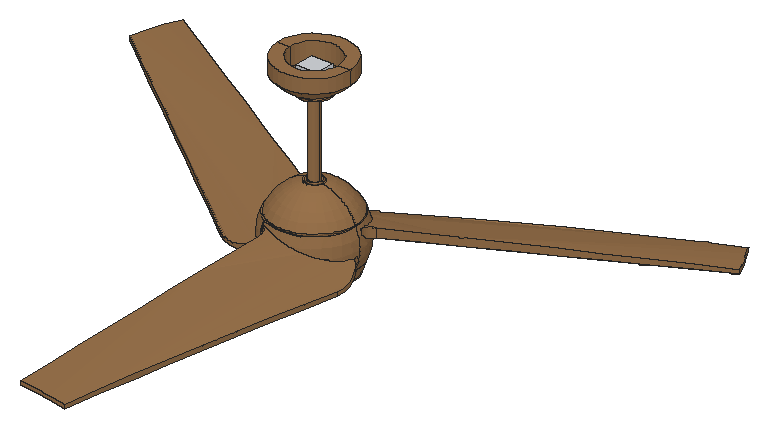
Revit family "3-104-xx - Sol (Ceiling Fan)", category Lighting Fixtures, host Ceiling, Revit 2018
Family settings
  Host = Ceiling
  Round Connector Dimension = Use Diameter
  Part Type = Normal
  OmniClass Number = 23.80.70.11
  OmniClass Title = Luminaries for Internal Lighting
  Always vertical = Yes
  Cut with Voids When Loaded = No
  Light Source = Yes
  Shared = No
  Room Calculation Point = No
Parameters (values of type "3-104-22 - Sol")
  Wattage Comments = ""
  URL = "www.oxygenlighting.com"
  Type Comments = "LED Lighting Fixture"
  Note [instance] = "4in - 6in - 12in - 18in or 24in Downrod"  # constant formula
  Model = "3-104-xx - Sol"  # constant formula
  Metal Finish = Oxygen Lighting - Metal Finish - 22 - Oiled Bronze
  Manufacturer = "Oxygen Lighting"
  Light Source Symbol Size = 24.00"
  Keynote = "LED array lamp"
  Input Voltage = "120V 50/60Hz"
  Wattage = 9.19258 W
  built-in parameter 1150110 = 1 (stored number, unit not read)
  built-in parameter 1114217 = 1 (stored number, unit not read)
  built-in parameter 1150109 = 1 (stored number, unit not read)
  built-in parameter 1150134 = (empty or 0)
  built-in parameter 1150113 = 1 (stored number, unit not read)
  Lumens = 1200 lm
  built-in parameter 1150115 = 1 (stored number, unit not read)
  built-in parameter 1150105 = 381.97 (stored number, unit not read)
  built-in parameter 1150137 = (empty or 0)
  built-in parameter 1150139 = (empty or 0)
  built-in parameter 1150112 = 1 (stored number, unit not read)
  built-in parameter 1150114 = 1 (stored number, unit not read)
  Lamp = "LED Array"
  built-in parameter 1150132 = 2
  built-in parameter 1150102 = (empty or 0)
  built-in parameter 1150138 = (empty or 0)
  built-in parameter 1150107 = 3000 (stored number, unit not read)
  built-in parameter 1150106 = 3.8197 (stored number, unit not read)
  Emit from Circle Diameter = 6.00"
  Emit Shape Visible in Rendering = no
  built-in parameter 1150104 = 12.128 (stored number, unit not read)
  Downrod Lenght [instance] = 6.00"
  Dimming Lamp Color Temperature Shift = <None>
  Diffuser = Oxygen Lighting - Diffuser - Matte White Acrylic
  Description = "--"
  Cost = 0
  Color Filter = 16777215
  built-in parameter 1114218 = 1 (stored number, unit not read)
  built-in parameter 1150133 = 10 (stored number, unit not read)
  Assembly Code = "--"
Types (8): name | Metal Finish | Wattage | Lumens | built-in parameter 1150105 | built-in parameter 1150106 | Downrod Lenght | Diffuser
  3-104-06 - Sol | Oxygen Lighting - Metal Finish - 06 - White | 9.19258 W | 1200 lm | 381.97 (stored number, unit not read) | 3.8197 (stored number, unit not read) | 4.00" | Oxygen Lighting - Diffuser - Matte White Acrylic
  3-104-20 - Sol | Oxygen Lighting - Metal Finish - 20 - Polished Nickel | 9.19258 W | 1200 lm | 381.97 (stored number, unit not read) | 3.8197 (stored number, unit not read) | 6.00" | Oxygen Lighting - Diffuser - Matte White Acrylic
  3-104-22 - Sol | Oxygen Lighting - Metal Finish - 22 - Oiled Bronze | 9.19258 W | 1200 lm | 381.97 (stored number, unit not read) | 3.8197 (stored number, unit not read) | 6.00" | Oxygen Lighting - Diffuser - Matte White Acrylic
  3-104-06 - Sol (No light kit) | Oxygen Lighting - Metal Finish - 06 - White | 0 W | 0 lm | (empty or 0) | (empty or 0) | 6.00" | Oxygen Lighting - Metal Finish - 06 - White
  3-104-20 - Sol (No light kit) | Oxygen Lighting - Metal Finish - 20 - Polished Nickel | 0 W | 0 lm | (empty or 0) | (empty or 0) | 6.00" | Oxygen Lighting - Metal Finish - 20 - Polished Nickel
  3-104-22 - Sol (No light kit) | Oxygen Lighting - Metal Finish - 22 - Oiled Bronze | 0 W | 0 lm | (empty or 0) | (empty or 0) | 6.00" | Oxygen Lighting - Metal Finish - 22 - Oiled Bronze
  3-104-24 - Sol (No light kit) | Oxygen Lighting - Metal Finish - 24 - Satin Nickel | 0 W | 0 lm | (empty or 0) | (empty or 0) | 6.00" | Oxygen Lighting - Metal Finish - 24 - Satin Nickel
  3-104-24 - Sol | Oxygen Lighting - Metal Finish - 24 - Satin Nickel | 9.19258 W | 1200 lm | 381.97 (stored number, unit not read) | 3.8197 (stored number, unit not read) | 6.00" | Oxygen Lighting - Diffuser - Matte White Acrylic
Reference planes (in)
  plane 1 "Light Source Axis (F/B)": y = 0
  plane 2 "Ceiling": z = 96
  plane 3 "Light Source Axis (L/R)": x = 0
  plane 4 "Light Source Elevation": z = 80.95093
  plane 5: z = 93.53179
  plane 6: z = 87.53179
Forms (in)
  Revolve 1, solid, material "Oxygen Lighting - Metal Finish - 22 - Oiled Bronze" <- "Metal Finish"
    sketch origin (0, 0, 0) x (1, 0, 0) y (0, 0, 1)
      loop
        line (-1.85388, 96) -> (-2.7689, 96) -> (-2.7689, 94.92283)
        arc (-2.7689, 94.92283) -> (-2.08885, 94.27246) -> (-1.2688, 93.81096) r 3.76621
        line (-1.2688, 93.81096) -> (-1.34246, 93.81096) -> (-1.34246, 93.68246)
        arc (-1.34246, 93.68246) -> (-1.32971, 93.65168) -> (-1.29893, 93.63893) r 0.04353
        line (-1.29893, 93.63893) -> (-0.66701, 93.63893) -> (-0.55987, 93.53179) -> (-0.40768, 93.53179) -> (0, 93.53179) -> (0, 94.60147) -> (-1.85388, 94.60147) -> (-1.85388, 96)
      axis (0, 96) -> (0, 93.53179)
    angle from 0 to 360
  Revolve 2, solid, material "Oxygen Lighting - Metal Finish - 22 - Oiled Bronze" <- "Metal Finish"
    sketch origin (0, 0, -3.35048) x (-0.5, 0.866025, 0) y (0, 0, 1)
      loop
        line (0, 88.73733) -> (-3.20337, 88.73733)
        arc (-3.20337, 88.73733) -> (-3.51328, 87.26937) -> (-3.20337, 85.80141) r 3.6316
        line (-3.20337, 85.80141) -> (0, 85.80141) -> (0, 88.73733)
      axis (0, 88.73733) -> (0, 85.80141)
    angle from 0 to 360
  Extrusion 3, solid, material "Oxygen Lighting - Metal Finish - 22 - Oiled Bronze" <- "Metal Finish"
    sketch origin (0, 0, -3.35048) x (-0.933283, -0.359143, 0) y (0.359143, -0.933283, 0)
      loop
        arc (-3.28421, 0.9347) -> (-3.52436, 0.54722) -> (-3.93767, 0.3549) r 0.7965
        line (-3.93767, 0.3549) -> (-25.89439, -2.34104)
        arc (-25.89439, -2.34104) -> (-25.68327, -4.04597) -> (-25.36001, -5.73323) r 26
        line (-25.36001, -5.73323) -> (-2.76839, -5.09867)
        arc (-2.76839, -5.09867) -> (-1.28314, -4.70902) -> (-0.12222, -3.70399) r 3.38958
        arc (-0.12222, -3.70399) -> (0.09415, -3.54101) -> (0.35279, -3.46049) r 0.79194
        line (0.35279, -3.46049) -> (0.34272, -3.32886)
        arc (0.34272, -3.32886) -> (-2.56369, -2.15087) -> (-3.21864, 0.91604) r 3.34646
        line (-3.21864, 0.91604) -> (-3.28421, 0.9347)
    from 85.80141 to 88.73733
  Blend 4, void
    base sketch origin (0, 0, -3.35048) x (-0.5, 0.866025, 0) y (0, 0, 1)
      loop
        arc (-1.71701, 88.73733) -> (1.60443, 87.77729) -> (4.71514, 86.26826) r 20.32772
        line (4.71514, 86.26826) -> (4.71514, 88.82731) -> (-1.73171, 88.82731) -> (-1.71701, 88.73733)
    top sketch origin (0, 0, -3.35048) x (-0.5, 0.866025, 0) y (0, 0, 1)
      loop
        line (-1.8306, 88.94571) -> (-1.8306, 87.84501)
        arc (-1.8306, 87.84501) -> (1.51284, 87.50272) -> (4.745, 86.58138) r 19.15684
        line (4.745, 86.58138) -> (4.745, 88.94571) -> (-1.8306, 88.94571)
    from 0 to 26.63991
  Extrusion 5, void
    sketch origin (0, 0, -3.35048) x (-0.866025, -0.5, 0) y (0.5, -0.866025, 0)
      loop
        line (0, 0) -> (0, -3.74016)
        arc (0, -3.74016) -> (3.23907, 1.87008) -> (-3.23907, 1.87008) r 3.74016
        line (-3.23907, 1.87008) -> (0, 0)
    from 83.74981 to 90.41764
  Revolve 6, solid, material "Oxygen Lighting - Metal Finish - 22 - Oiled Bronze" <- "Metal Finish", not visible
    sketch origin (0, 0, 0) x (1, 0, 0) y (0, 0, 1)
      loop
        line (0, 88.73733) -> (-3.20337, 88.73733)
        arc (-3.20337, 88.73733) -> (-3.51328, 87.26937) -> (-3.20337, 85.80141) r 3.6316
        line (-3.20337, 85.80141) -> (0, 85.80141) -> (0, 88.73733)
      axis (0, 88.73733) -> (0, 85.80141)
    angle from 0 to 360
  Extrusion 7, solid, material "Oxygen Lighting - Metal Finish - 22 - Oiled Bronze" <- "Metal Finish", not visible
    sketch origin (0, 0, 0) x (0.155614, 0.987818, 0) y (-0.987818, 0.155614, 0)
      loop
        arc (-3.28421, 0.9347) -> (-3.52436, 0.54722) -> (-3.93767, 0.3549) r 0.7965
        line (-3.93767, 0.3549) -> (-25.89439, -2.34104)
        arc (-25.89439, -2.34104) -> (-25.68327, -4.04597) -> (-25.36001, -5.73323) r 26
        line (-25.36001, -5.73323) -> (-2.76839, -5.09867)
        arc (-2.76839, -5.09867) -> (-1.28314, -4.70902) -> (-0.12222, -3.70399) r 3.38958
        arc (-0.12222, -3.70399) -> (0.09415, -3.54101) -> (0.35279, -3.46049) r 0.79194
        line (0.35279, -3.46049) -> (0.34272, -3.32886)
        arc (0.34272, -3.32886) -> (-2.56369, -2.15087) -> (-3.21864, 0.91604) r 3.34646
        line (-3.21864, 0.91604) -> (-3.28421, 0.9347)
    from 85.80141 to 88.73733
  Blend 8, void, not visible
    base sketch origin (0, 0, 0) x (1, 0, 0) y (0, 0, 1)
      loop
        arc (-1.71701, 88.73733) -> (1.60443, 87.77729) -> (4.71514, 86.26826) r 20.32772
        line (4.71514, 86.26826) -> (4.71514, 88.82731) -> (-1.73171, 88.82731) -> (-1.71701, 88.73733)
    top sketch origin (0, 0, 0) x (1, 0, 0) y (0, 0, 1)
      loop
        line (-1.8306, 88.94571) -> (-1.8306, 87.84501)
        arc (-1.8306, 87.84501) -> (1.51284, 87.50272) -> (4.745, 86.58138) r 19.15684
        line (4.745, 86.58138) -> (4.745, 88.94571) -> (-1.8306, 88.94571)
    from 0 to 26.63991
  Extrusion 9, void, not visible
    sketch origin (0, 0, 0) x (0, 1, 0) y (-1, 0, 0)
      loop
        line (0, 0) -> (0, -3.74016)
        arc (0, -3.74016) -> (3.23907, 1.87008) -> (-3.23907, 1.87008) r 3.74016
        line (-3.23907, 1.87008) -> (0, 0)
    from 83.74981 to 90.41764
  Blend 10, void
    base sketch origin (0, 0, -3.35048) x (-0.5, 0.866025, 0) y (0, 0, 1)
      loop
        arc (4.70738, 86.04622) -> (1.44855, 87.17923) -> (-1.91549, 87.9453) r 31.18297
        line (-1.91549, 87.9453) -> (-1.91549, 85.38624) -> (4.7764, 85.50305) -> (4.70738, 86.04622)
    top sketch origin (0, 0, -3.35048) x (-0.5, 0.866025, 0) y (0, 0, 1)
      loop
        line (-2.00935, 87.58744) -> (-2.00935, 85.50161) -> (4.694, 85.50161) -> (4.694, 86.15148)
        arc (4.694, 86.15148) -> (1.4255, 87.25774) -> (-2.00935, 87.58744) r 14.99306
    from 0 to 26.12279
  Blend 11, void, not visible
    base sketch origin (0, 0, 0) x (1, 0, 0) y (0, 0, 1)
      loop
        arc (4.70738, 86.04622) -> (1.44855, 87.17923) -> (-1.91549, 87.9453) r 31.18297
        line (-1.91549, 87.9453) -> (-1.91549, 85.38624) -> (4.7764, 85.50305) -> (4.70738, 86.04622)
    top sketch origin (0, 0, 0) x (1, 0, 0) y (0, 0, 1)
      loop
        line (-2.00935, 87.58744) -> (-2.00935, 85.50161) -> (4.694, 85.50161) -> (4.694, 86.15148)
        arc (4.694, 86.15148) -> (1.4255, 87.25774) -> (-2.00935, 87.58744) r 14.99306
    from 0 to 26.12279
  Revolve 12, solid, material "Oxygen Lighting - Metal Finish - 22 - Oiled Bronze" <- "Metal Finish"
    sketch origin (0, 0, -3.35048) x (-0.5, -0.866025, 0) y (0, 0, 1)
      loop
        line (0, 88.73733) -> (-3.20337, 88.73733)
        arc (-3.20337, 88.73733) -> (-3.51328, 87.26937) -> (-3.20337, 85.80141) r 3.6316
        line (-3.20337, 85.80141) -> (0, 85.80141) -> (0, 88.73733)
      axis (0, 88.73733) -> (0, 85.80141)
    angle from 0 to 360
  Extrusion 13, solid, material "Oxygen Lighting - Metal Finish - 22 - Oiled Bronze" <- "Metal Finish"
    sketch origin (0, 0, -3.35048) x (0.777668, -0.628675, 0) y (0.628675, 0.777668, 0)
      loop
        arc (-3.28421, 0.9347) -> (-3.52436, 0.54722) -> (-3.93767, 0.3549) r 0.7965
        line (-3.93767, 0.3549) -> (-25.89439, -2.34104)
        arc (-25.89439, -2.34104) -> (-25.68327, -4.04597) -> (-25.36001, -5.73323) r 26
        line (-25.36001, -5.73323) -> (-2.76839, -5.09867)
        arc (-2.76839, -5.09867) -> (-1.28314, -4.70902) -> (-0.12222, -3.70399) r 3.38958
        arc (-0.12222, -3.70399) -> (0.09415, -3.54101) -> (0.35279, -3.46049) r 0.79194
        line (0.35279, -3.46049) -> (0.34272, -3.32886)
        arc (0.34272, -3.32886) -> (-2.56369, -2.15087) -> (-3.21864, 0.91604) r 3.34646
        line (-3.21864, 0.91604) -> (-3.28421, 0.9347)
    from 85.80141 to 88.73733
  Blend 14, void
    base sketch origin (0, 0, -3.35048) x (-0.5, -0.866025, 0) y (0, 0, 1)
      loop
        arc (-1.71701, 88.73733) -> (1.60443, 87.77729) -> (4.71514, 86.26826) r 20.32772
        line (4.71514, 86.26826) -> (4.71514, 88.82731) -> (-1.73171, 88.82731) -> (-1.71701, 88.73733)
    top sketch origin (0, 0, -3.35048) x (-0.5, -0.866025, 0) y (0, 0, 1)
      loop
        line (-1.8306, 88.94571) -> (-1.8306, 87.84501)
        arc (-1.8306, 87.84501) -> (1.51284, 87.50272) -> (4.745, 86.58138) r 19.15684
        line (4.745, 86.58138) -> (4.745, 88.94571) -> (-1.8306, 88.94571)
    from 0 to 26.63991
  Extrusion 15, void
    sketch origin (0, 0, -3.35048) x (0.866025, -0.5, 0) y (0.5, 0.866025, 0)
      loop
        line (0, 0) -> (0, -3.74016)
        arc (0, -3.74016) -> (3.23907, 1.87008) -> (-3.23907, 1.87008) r 3.74016
        line (-3.23907, 1.87008) -> (0, 0)
    from 83.74981 to 90.41764
  Blend 16, void
    base sketch origin (0, 0, -3.35048) x (-0.5, -0.866025, 0) y (0, 0, 1)
      loop
        arc (4.70738, 86.04622) -> (1.44855, 87.17923) -> (-1.91549, 87.9453) r 31.18297
        line (-1.91549, 87.9453) -> (-1.91549, 85.38624) -> (4.7764, 85.50305) -> (4.70738, 86.04622)
    top sketch origin (0, 0, -3.35048) x (-0.5, -0.866025, 0) y (0, 0, 1)
      loop
        line (-2.00935, 87.58744) -> (-2.00935, 85.50161) -> (4.694, 85.50161) -> (4.694, 86.15148)
        arc (4.694, 86.15148) -> (1.4255, 87.25774) -> (-2.00935, 87.58744) r 14.99306
    from 0 to 26.12279
  Revolve 17, solid, material "Oxygen Lighting - Metal Finish - 22 - Oiled Bronze" <- "Metal Finish"
    sketch origin (0, 0, -3.35048) x (1, 0, 0) y (0, 0, 1)
      loop
        line (0, 88.73733) -> (-3.20337, 88.73733)
        arc (-3.20337, 88.73733) -> (-3.51328, 87.26937) -> (-3.20337, 85.80141) r 3.6316
        line (-3.20337, 85.80141) -> (0, 85.80141) -> (0, 88.73733)
      axis (0, 88.73733) -> (0, 85.80141)
    angle from 0 to 360
  Extrusion 18, solid, material "Oxygen Lighting - Metal Finish - 22 - Oiled Bronze" <- "Metal Finish"
    sketch origin (0, 0, -3.35048) x (0.155614, 0.987818, 0) y (-0.987818, 0.155614, 0)
      loop
        arc (-3.28421, 0.9347) -> (-3.52436, 0.54722) -> (-3.93767, 0.3549) r 0.7965
        line (-3.93767, 0.3549) -> (-25.89439, -2.34104)
        arc (-25.89439, -2.34104) -> (-25.68327, -4.04597) -> (-25.36001, -5.73323) r 26
        line (-25.36001, -5.73323) -> (-2.76839, -5.09867)
        arc (-2.76839, -5.09867) -> (-1.28314, -4.70902) -> (-0.12222, -3.70399) r 3.38958
        arc (-0.12222, -3.70399) -> (0.09415, -3.54101) -> (0.35279, -3.46049) r 0.79194
        line (0.35279, -3.46049) -> (0.34272, -3.32886)
        arc (0.34272, -3.32886) -> (-2.56369, -2.15087) -> (-3.21864, 0.91604) r 3.34646
        line (-3.21864, 0.91604) -> (-3.28421, 0.9347)
    from 85.80141 to 88.73733
  Blend 19, void
    base sketch origin (0, 0, -3.35048) x (1, 0, 0) y (0, 0, 1)
      loop
        arc (-1.71701, 88.73733) -> (1.60443, 87.77729) -> (4.71514, 86.26826) r 20.32772
        line (4.71514, 86.26826) -> (4.71514, 88.82731) -> (-1.73171, 88.82731) -> (-1.71701, 88.73733)
    top sketch origin (0, 0, -3.35048) x (1, 0, 0) y (0, 0, 1)
      loop
        line (-1.8306, 88.94571) -> (-1.8306, 87.84501)
        arc (-1.8306, 87.84501) -> (1.51284, 87.50272) -> (4.745, 86.58138) r 19.15684
        line (4.745, 86.58138) -> (4.745, 88.94571) -> (-1.8306, 88.94571)
    from 0 to 26.63991
  Extrusion 20, void
    sketch origin (0, 0, -3.35048) x (0, 1, 0) y (-1, 0, 0)
      loop
        line (0, 0) -> (0, -3.74016)
        arc (0, -3.74016) -> (3.23907, 1.87008) -> (-3.23907, 1.87008) r 3.74016
        line (-3.23907, 1.87008) -> (0, 0)
    from 83.74981 to 90.41764
  Blend 21, void
    base sketch origin (0, 0, -3.35048) x (1, 0, 0) y (0, 0, 1)
      loop
        arc (4.70738, 86.04622) -> (1.44855, 87.17923) -> (-1.91549, 87.9453) r 31.18297
        line (-1.91549, 87.9453) -> (-1.91549, 85.38624) -> (4.7764, 85.50305) -> (4.70738, 86.04622)
    top sketch origin (0, 0, -3.35048) x (1, 0, 0) y (0, 0, 1)
      loop
        line (-2.00935, 87.58744) -> (-2.00935, 85.50161) -> (4.694, 85.50161) -> (4.694, 86.15148)
        arc (4.694, 86.15148) -> (1.4255, 87.25774) -> (-2.00935, 87.58744) r 14.99306
    from 0 to 26.12279
  Revolve 22, solid, material "Oxygen Lighting - Metal Finish - 22 - Oiled Bronze" <- "Metal Finish", not visible
    sketch origin (0, 0, 0) x (-0.5, 0.866025, 0) y (0, 0, 1)
      loop
        line (0, 88.73733) -> (-3.20337, 88.73733)
        arc (-3.20337, 88.73733) -> (-3.51328, 87.26937) -> (-3.20337, 85.80141) r 3.6316
        line (-3.20337, 85.80141) -> (0, 85.80141) -> (0, 88.73733)
      axis (0, 88.73733) -> (0, 85.80141)
    angle from 0 to 360
  Extrusion 23, solid, material "Oxygen Lighting - Metal Finish - 22 - Oiled Bronze" <- "Metal Finish", not visible
    sketch origin (0, 0, 0) x (-0.933283, -0.359143, 0) y (0.359143, -0.933283, 0)
      loop
        arc (-3.28421, 0.9347) -> (-3.52436, 0.54722) -> (-3.93767, 0.3549) r 0.7965
        line (-3.93767, 0.3549) -> (-25.89439, -2.34104)
        arc (-25.89439, -2.34104) -> (-25.68327, -4.04597) -> (-25.36001, -5.73323) r 26
        line (-25.36001, -5.73323) -> (-2.76839, -5.09867)
        arc (-2.76839, -5.09867) -> (-1.28314, -4.70902) -> (-0.12222, -3.70399) r 3.38958
        arc (-0.12222, -3.70399) -> (0.09415, -3.54101) -> (0.35279, -3.46049) r 0.79194
        line (0.35279, -3.46049) -> (0.34272, -3.32886)
        arc (0.34272, -3.32886) -> (-2.56369, -2.15087) -> (-3.21864, 0.91604) r 3.34646
        line (-3.21864, 0.91604) -> (-3.28421, 0.9347)
    from 85.80141 to 88.73733
  Blend 24, void, not visible
    base sketch origin (0, 0, 0) x (-0.5, 0.866025, 0) y (0, 0, 1)
      loop
        arc (-1.71701, 88.73733) -> (1.60443, 87.77729) -> (4.71514, 86.26826) r 20.32772
        line (4.71514, 86.26826) -> (4.71514, 88.82731) -> (-1.73171, 88.82731) -> (-1.71701, 88.73733)
    top sketch origin (0, 0, 0) x (-0.5, 0.866025, 0) y (0, 0, 1)
      loop
        line (-1.8306, 88.94571) -> (-1.8306, 87.84501)
        arc (-1.8306, 87.84501) -> (1.51284, 87.50272) -> (4.745, 86.58138) r 19.15684
        line (4.745, 86.58138) -> (4.745, 88.94571) -> (-1.8306, 88.94571)
    from 0 to 26.63991
  Extrusion 25, void, not visible
    sketch origin (0, 0, 0) x (-0.866025, -0.5, 0) y (0.5, -0.866025, 0)
      loop
        line (0, 0) -> (0, -3.74016)
        arc (0, -3.74016) -> (3.23907, 1.87008) -> (-3.23907, 1.87008) r 3.74016
        line (-3.23907, 1.87008) -> (0, 0)
    from 83.74981 to 90.41764
  Blend 26, void, not visible
    base sketch origin (0, 0, 0) x (-0.5, 0.866025, 0) y (0, 0, 1)
      loop
        arc (4.70738, 86.04622) -> (1.44855, 87.17923) -> (-1.91549, 87.9453) r 31.18297
        line (-1.91549, 87.9453) -> (-1.91549, 85.38624) -> (4.7764, 85.50305) -> (4.70738, 86.04622)
    top sketch origin (0, 0, 0) x (-0.5, 0.866025, 0) y (0, 0, 1)
      loop
        line (-2.00935, 87.58744) -> (-2.00935, 85.50161) -> (4.694, 85.50161) -> (4.694, 86.15148)
        arc (4.694, 86.15148) -> (1.4255, 87.25774) -> (-2.00935, 87.58744) r 14.99306
    from 0 to 26.12279
  Revolve 27, solid, material "Oxygen Lighting - Metal Finish - 22 - Oiled Bronze" <- "Metal Finish", not visible
    sketch origin (0, 0, 0) x (-0.5, -0.866025, 0) y (0, 0, 1)
      loop
        line (0, 88.73733) -> (-3.20337, 88.73733)
        arc (-3.20337, 88.73733) -> (-3.51328, 87.26937) -> (-3.20337, 85.80141) r 3.6316
        line (-3.20337, 85.80141) -> (0, 85.80141) -> (0, 88.73733)
      axis (0, 88.73733) -> (0, 85.80141)
    angle from 0 to 360
  Extrusion 28, solid, material "Oxygen Lighting - Metal Finish - 22 - Oiled Bronze" <- "Metal Finish", not visible
    sketch origin (0, 0, 0) x (0.777668, -0.628675, 0) y (0.628675, 0.777668, 0)
      loop
        arc (-3.28421, 0.9347) -> (-3.52436, 0.54722) -> (-3.93767, 0.3549) r 0.7965
        line (-3.93767, 0.3549) -> (-25.89439, -2.34104)
        arc (-25.89439, -2.34104) -> (-25.68327, -4.04597) -> (-25.36001, -5.73323) r 26
        line (-25.36001, -5.73323) -> (-2.76839, -5.09867)
        arc (-2.76839, -5.09867) -> (-1.28314, -4.70902) -> (-0.12222, -3.70399) r 3.38958
        arc (-0.12222, -3.70399) -> (0.09415, -3.54101) -> (0.35279, -3.46049) r 0.79194
        line (0.35279, -3.46049) -> (0.34272, -3.32886)
        arc (0.34272, -3.32886) -> (-2.56369, -2.15087) -> (-3.21864, 0.91604) r 3.34646
        line (-3.21864, 0.91604) -> (-3.28421, 0.9347)
    from 85.80141 to 88.73733
  Blend 29, void, not visible
    base sketch origin (0, 0, 0) x (-0.5, -0.866025, 0) y (0, 0, 1)
      loop
        arc (-1.71701, 88.73733) -> (1.60443, 87.77729) -> (4.71514, 86.26826) r 20.32772
        line (4.71514, 86.26826) -> (4.71514, 88.82731) -> (-1.73171, 88.82731) -> (-1.71701, 88.73733)
    top sketch origin (0, 0, 0) x (-0.5, -0.866025, 0) y (0, 0, 1)
      loop
        line (-1.8306, 88.94571) -> (-1.8306, 87.84501)
        arc (-1.8306, 87.84501) -> (1.51284, 87.50272) -> (4.745, 86.58138) r 19.15684
        line (4.745, 86.58138) -> (4.745, 88.94571) -> (-1.8306, 88.94571)
    from 0 to 26.63991
  Extrusion 30, void, not visible
    sketch origin (0, 0, 0) x (0.866025, -0.5, 0) y (0.5, 0.866025, 0)
      loop
        line (0, 0) -> (0, -3.74016)
        arc (0, -3.74016) -> (3.23907, 1.87008) -> (-3.23907, 1.87008) r 3.74016
        line (-3.23907, 1.87008) -> (0, 0)
    from 83.74981 to 90.41764
  Blend 31, void, not visible
    base sketch origin (0, 0, 0) x (-0.5, -0.866025, 0) y (0, 0, 1)
      loop
        arc (4.70738, 86.04622) -> (1.44855, 87.17923) -> (-1.91549, 87.9453) r 31.18297
        line (-1.91549, 87.9453) -> (-1.91549, 85.38624) -> (4.7764, 85.50305) -> (4.70738, 86.04622)
    top sketch origin (0, 0, 0) x (-0.5, -0.866025, 0) y (0, 0, 1)
      loop
        line (-2.00935, 87.58744) -> (-2.00935, 85.50161) -> (4.694, 85.50161) -> (4.694, 86.15148)
        arc (4.694, 86.15148) -> (1.4255, 87.25774) -> (-2.00935, 87.58744) r 14.99306
    from 0 to 26.12279
  Revolve 32, solid, material "Oxygen Lighting - Metal Finish - 22 - Oiled Bronze" <- "Metal Finish", not visible
    sketch origin (0, 0, 0) x (1, 0, 0) y (0, 0, 1)
      loop
        line (0, 88.73733) -> (-3.20337, 88.73733)
        arc (-3.20337, 88.73733) -> (-3.51328, 87.26937) -> (-3.20337, 85.80141) r 3.6316
        line (-3.20337, 85.80141) -> (0, 85.80141) -> (0, 88.73733)
      axis (0, 88.73733) -> (0, 85.80141)
    angle from 0 to 360
  Extrusion 33, solid, material "Oxygen Lighting - Metal Finish - 22 - Oiled Bronze" <- "Metal Finish", not visible
    sketch origin (0, 0, 0) x (0.155614, 0.987818, 0) y (-0.987818, 0.155614, 0)
      loop
        arc (-3.28421, 0.9347) -> (-3.52436, 0.54722) -> (-3.93767, 0.3549) r 0.7965
        line (-3.93767, 0.3549) -> (-25.89439, -2.34104)
        arc (-25.89439, -2.34104) -> (-25.68327, -4.04597) -> (-25.36001, -5.73323) r 26
        line (-25.36001, -5.73323) -> (-2.76839, -5.09867)
        arc (-2.76839, -5.09867) -> (-1.28314, -4.70902) -> (-0.12222, -3.70399) r 3.38958
        arc (-0.12222, -3.70399) -> (0.09415, -3.54101) -> (0.35279, -3.46049) r 0.79194
        line (0.35279, -3.46049) -> (0.34272, -3.32886)
        arc (0.34272, -3.32886) -> (-2.56369, -2.15087) -> (-3.21864, 0.91604) r 3.34646
        line (-3.21864, 0.91604) -> (-3.28421, 0.9347)
    from 85.80141 to 88.73733
  Blend 34, void, not visible
    base sketch origin (0, 0, 0) x (1, 0, 0) y (0, 0, 1)
      loop
        arc (-1.71701, 88.73733) -> (1.60443, 87.77729) -> (4.71514, 86.26826) r 20.32772
        line (4.71514, 86.26826) -> (4.71514, 88.82731) -> (-1.73171, 88.82731) -> (-1.71701, 88.73733)
    top sketch origin (0, 0, 0) x (1, 0, 0) y (0, 0, 1)
      loop
        line (-1.8306, 88.94571) -> (-1.8306, 87.84501)
        arc (-1.8306, 87.84501) -> (1.51284, 87.50272) -> (4.745, 86.58138) r 19.15684
        line (4.745, 86.58138) -> (4.745, 88.94571) -> (-1.8306, 88.94571)
    from 0 to 26.63991
  Extrusion 35, void, not visible
    sketch origin (0, 0, 0) x (0, 1, 0) y (-1, 0, 0)
      loop
        line (0, 0) -> (0, -3.74016)
        arc (0, -3.74016) -> (3.23907, 1.87008) -> (-3.23907, 1.87008) r 3.74016
        line (-3.23907, 1.87008) -> (0, 0)
    from 83.74981 to 90.41764
  Blend 36, void, not visible
    base sketch origin (0, 0, 0) x (1, 0, 0) y (0, 0, 1)
      loop
        arc (4.70738, 86.04622) -> (1.44855, 87.17923) -> (-1.91549, 87.9453) r 31.18297
        line (-1.91549, 87.9453) -> (-1.91549, 85.38624) -> (4.7764, 85.50305) -> (4.70738, 86.04622)
    top sketch origin (0, 0, 0) x (1, 0, 0) y (0, 0, 1)
      loop
        line (-2.00935, 87.58744) -> (-2.00935, 85.50161) -> (4.694, 85.50161) -> (4.694, 86.15148)
        arc (4.694, 86.15148) -> (1.4255, 87.25774) -> (-2.00935, 87.58744) r 14.99306
    from 0 to 26.12279
  Revolve 37, solid, material "Oxygen Lighting - Metal Finish - 22 - Oiled Bronze" <- "Metal Finish"
    sketch origin (0.03317, 0, -3.4352) x (1, 0, 0) y (0, 0, 1)
      loop
        line (-0.40768, 91.04626) -> (-0.56247, 91.04626)
        arc (-0.56247, 91.04626) -> (-0.60299, 91.01344) -> (-0.57932, 90.96698) r 0.04143
        line (-0.57932, 90.96698) -> (-0.7253, 90.96698)
        arc (-0.7253, 90.96698) -> (-2.14599, 90.21685) -> (-3.12132, 88.94022) r 3.74287
        arc (-3.12132, 88.94022) -> (-3.11629, 88.88277) -> (-3.06403, 88.85839) r 0.05768
        line (-3.06403, 88.85839) -> (-3.01755, 88.85839) -> (-3.01755, 88.82205) -> (0, 88.82205) -> (0, 91.04626) -> (-0.40768, 91.04626)
      axis (0, 91.04626) -> (0, 88.82205)
    angle from 0 to 360
  Revolve 38, solid, material "Oxygen Lighting - Metal Finish - 22 - Oiled Bronze" <- "Metal Finish", not visible
    sketch origin (0, 0, -4.65889) x (-0.5, 0.866025, 0) y (0, 0, 1)
      loop
        line (0, 88.73733) -> (-3.20337, 88.73733)
        arc (-3.20337, 88.73733) -> (-3.51328, 87.26937) -> (-3.20337, 85.80141) r 3.6316
        line (-3.20337, 85.80141) -> (0, 85.80141) -> (0, 88.73733)
      axis (0, 88.73733) -> (0, 85.80141)
    angle from 0 to 360
  Extrusion 39, solid, material "Oxygen Lighting - Metal Finish - 22 - Oiled Bronze" <- "Metal Finish", not visible
    sketch origin (0, 0, -4.65889) x (-0.933283, -0.359143, 0) y (0.359143, -0.933283, 0)
      loop
        arc (-3.28421, 0.9347) -> (-3.52436, 0.54722) -> (-3.93767, 0.3549) r 0.7965
        line (-3.93767, 0.3549) -> (-25.89439, -2.34104)
        arc (-25.89439, -2.34104) -> (-25.68327, -4.04597) -> (-25.36001, -5.73323) r 26
        line (-25.36001, -5.73323) -> (-2.76839, -5.09867)
        arc (-2.76839, -5.09867) -> (-1.28314, -4.70902) -> (-0.12222, -3.70399) r 3.38958
        arc (-0.12222, -3.70399) -> (0.09415, -3.54101) -> (0.35279, -3.46049) r 0.79194
        line (0.35279, -3.46049) -> (0.34272, -3.32886)
        arc (0.34272, -3.32886) -> (-2.56369, -2.15087) -> (-3.21864, 0.91604) r 3.34646
        line (-3.21864, 0.91604) -> (-3.28421, 0.9347)
    from 85.80141 to 88.73733
  Blend 40, void, not visible
    base sketch origin (0, 0, -4.65889) x (-0.5, 0.866025, 0) y (0, 0, 1)
      loop
        arc (-1.71701, 88.73733) -> (1.60443, 87.77729) -> (4.71514, 86.26826) r 20.32772
        line (4.71514, 86.26826) -> (4.71514, 88.82731) -> (-1.73171, 88.82731) -> (-1.71701, 88.73733)
    top sketch origin (0, 0, -4.65889) x (-0.5, 0.866025, 0) y (0, 0, 1)
      loop
        line (-1.8306, 88.94571) -> (-1.8306, 87.84501)
        arc (-1.8306, 87.84501) -> (1.51284, 87.50272) -> (4.745, 86.58138) r 19.15684
        line (4.745, 86.58138) -> (4.745, 88.94571) -> (-1.8306, 88.94571)
    from 0 to 26.63991
  Extrusion 41, void, not visible
    sketch origin (0, 0, -4.65889) x (-0.866025, -0.5, 0) y (0.5, -0.866025, 0)
      loop
        line (0, 0) -> (0, -3.74016)
        arc (0, -3.74016) -> (3.23907, 1.87008) -> (-3.23907, 1.87008) r 3.74016
        line (-3.23907, 1.87008) -> (0, 0)
    from 83.74981 to 90.41764
  Blend 42, void, not visible
    base sketch origin (0, 0, -4.65889) x (-0.5, 0.866025, 0) y (0, 0, 1)
      loop
        arc (4.70738, 86.04622) -> (1.44855, 87.17923) -> (-1.91549, 87.9453) r 31.18297
        line (-1.91549, 87.9453) -> (-1.91549, 85.38624) -> (4.7764, 85.50305) -> (4.70738, 86.04622)
    top sketch origin (0, 0, -4.65889) x (-0.5, 0.866025, 0) y (0, 0, 1)
      loop
        line (-2.00935, 87.58744) -> (-2.00935, 85.50161) -> (4.694, 85.50161) -> (4.694, 86.15148)
        arc (4.694, 86.15148) -> (1.4255, 87.25774) -> (-2.00935, 87.58744) r 14.99306
    from 0 to 26.12279
  Revolve 43, solid, material "Oxygen Lighting - Metal Finish - 22 - Oiled Bronze" <- "Metal Finish", not visible
    sketch origin (0, 0, -4.65889) x (-0.5, -0.866025, 0) y (0, 0, 1)
      loop
        line (0, 88.73733) -> (-3.20337, 88.73733)
        arc (-3.20337, 88.73733) -> (-3.51328, 87.26937) -> (-3.20337, 85.80141) r 3.6316
        line (-3.20337, 85.80141) -> (0, 85.80141) -> (0, 88.73733)
      axis (0, 88.73733) -> (0, 85.80141)
    angle from 0 to 360
  Extrusion 44, solid, material "Oxygen Lighting - Metal Finish - 22 - Oiled Bronze" <- "Metal Finish", not visible
    sketch origin (0, 0, -4.65889) x (0.777668, -0.628675, 0) y (0.628675, 0.777668, 0)
      loop
        arc (-3.28421, 0.9347) -> (-3.52436, 0.54722) -> (-3.93767, 0.3549) r 0.7965
        line (-3.93767, 0.3549) -> (-25.89439, -2.34104)
        arc (-25.89439, -2.34104) -> (-25.68327, -4.04597) -> (-25.36001, -5.73323) r 26
        line (-25.36001, -5.73323) -> (-2.76839, -5.09867)
        arc (-2.76839, -5.09867) -> (-1.28314, -4.70902) -> (-0.12222, -3.70399) r 3.38958
        arc (-0.12222, -3.70399) -> (0.09415, -3.54101) -> (0.35279, -3.46049) r 0.79194
        line (0.35279, -3.46049) -> (0.34272, -3.32886)
        arc (0.34272, -3.32886) -> (-2.56369, -2.15087) -> (-3.21864, 0.91604) r 3.34646
        line (-3.21864, 0.91604) -> (-3.28421, 0.9347)
    from 85.80141 to 88.73733
  Blend 45, void, not visible
    base sketch origin (0, 0, -4.65889) x (-0.5, -0.866025, 0) y (0, 0, 1)
      loop
        arc (-1.71701, 88.73733) -> (1.60443, 87.77729) -> (4.71514, 86.26826) r 20.32772
        line (4.71514, 86.26826) -> (4.71514, 88.82731) -> (-1.73171, 88.82731) -> (-1.71701, 88.73733)
    top sketch origin (0, 0, -4.65889) x (-0.5, -0.866025, 0) y (0, 0, 1)
      loop
        line (-1.8306, 88.94571) -> (-1.8306, 87.84501)
        arc (-1.8306, 87.84501) -> (1.51284, 87.50272) -> (4.745, 86.58138) r 19.15684
        line (4.745, 86.58138) -> (4.745, 88.94571) -> (-1.8306, 88.94571)
    from 0 to 26.63991
  Extrusion 46, void, not visible
    sketch origin (0, 0, -4.65889) x (0.866025, -0.5, 0) y (0.5, 0.866025, 0)
      loop
        line (0, 0) -> (0, -3.74016)
        arc (0, -3.74016) -> (3.23907, 1.87008) -> (-3.23907, 1.87008) r 3.74016
        line (-3.23907, 1.87008) -> (0, 0)
    from 83.74981 to 90.41764
  Blend 47, void, not visible
    base sketch origin (0, 0, -4.65889) x (-0.5, -0.866025, 0) y (0, 0, 1)
      loop
        arc (4.70738, 86.04622) -> (1.44855, 87.17923) -> (-1.91549, 87.9453) r 31.18297
        line (-1.91549, 87.9453) -> (-1.91549, 85.38624) -> (4.7764, 85.50305) -> (4.70738, 86.04622)
    top sketch origin (0, 0, -4.65889) x (-0.5, -0.866025, 0) y (0, 0, 1)
      loop
        line (-2.00935, 87.58744) -> (-2.00935, 85.50161) -> (4.694, 85.50161) -> (4.694, 86.15148)
        arc (4.694, 86.15148) -> (1.4255, 87.25774) -> (-2.00935, 87.58744) r 14.99306
    from 0 to 26.12279
  Revolve 48, solid, material "Oxygen Lighting - Metal Finish - 22 - Oiled Bronze" <- "Metal Finish", not visible
    sketch origin (0, 0, -4.65889) x (1, 0, 0) y (0, 0, 1)
      loop
        line (0, 88.73733) -> (-3.20337, 88.73733)
        arc (-3.20337, 88.73733) -> (-3.51328, 87.26937) -> (-3.20337, 85.80141) r 3.6316
        line (-3.20337, 85.80141) -> (0, 85.80141) -> (0, 88.73733)
      axis (0, 88.73733) -> (0, 85.80141)
    angle from 0 to 360
  Extrusion 49, solid, material "Oxygen Lighting - Metal Finish - 22 - Oiled Bronze" <- "Metal Finish", not visible
    sketch origin (0, 0, -4.65889) x (0.155614, 0.987818, 0) y (-0.987818, 0.155614, 0)
      loop
        arc (-3.28421, 0.9347) -> (-3.52436, 0.54722) -> (-3.93767, 0.3549) r 0.7965
        line (-3.93767, 0.3549) -> (-25.89439, -2.34104)
        arc (-25.89439, -2.34104) -> (-25.68327, -4.04597) -> (-25.36001, -5.73323) r 26
        line (-25.36001, -5.73323) -> (-2.76839, -5.09867)
        arc (-2.76839, -5.09867) -> (-1.28314, -4.70902) -> (-0.12222, -3.70399) r 3.38958
        arc (-0.12222, -3.70399) -> (0.09415, -3.54101) -> (0.35279, -3.46049) r 0.79194
        line (0.35279, -3.46049) -> (0.34272, -3.32886)
        arc (0.34272, -3.32886) -> (-2.56369, -2.15087) -> (-3.21864, 0.91604) r 3.34646
        line (-3.21864, 0.91604) -> (-3.28421, 0.9347)
    from 85.80141 to 88.73733
  Blend 50, void, not visible
    base sketch origin (0, 0, -4.65889) x (1, 0, 0) y (0, 0, 1)
      loop
        arc (-1.71701, 88.73733) -> (1.60443, 87.77729) -> (4.71514, 86.26826) r 20.32772
        line (4.71514, 86.26826) -> (4.71514, 88.82731) -> (-1.73171, 88.82731) -> (-1.71701, 88.73733)
    top sketch origin (0, 0, -4.65889) x (1, 0, 0) y (0, 0, 1)
      loop
        line (-1.8306, 88.94571) -> (-1.8306, 87.84501)
        arc (-1.8306, 87.84501) -> (1.51284, 87.50272) -> (4.745, 86.58138) r 19.15684
        line (4.745, 86.58138) -> (4.745, 88.94571) -> (-1.8306, 88.94571)
    from 0 to 26.63991
  Extrusion 51, void, not visible
    sketch origin (0, 0, -4.65889) x (0, 1, 0) y (-1, 0, 0)
      loop
        line (0, 0) -> (0, -3.74016)
        arc (0, -3.74016) -> (3.23907, 1.87008) -> (-3.23907, 1.87008) r 3.74016
        line (-3.23907, 1.87008) -> (0, 0)
    from 83.74981 to 90.41764
  Blend 52, void, not visible
    base sketch origin (0, 0, -4.65889) x (1, 0, 0) y (0, 0, 1)
      loop
        arc (4.70738, 86.04622) -> (1.44855, 87.17923) -> (-1.91549, 87.9453) r 31.18297
        line (-1.91549, 87.9453) -> (-1.91549, 85.38624) -> (4.7764, 85.50305) -> (4.70738, 86.04622)
    top sketch origin (0, 0, -4.65889) x (1, 0, 0) y (0, 0, 1)
      loop
        line (-2.00935, 87.58744) -> (-2.00935, 85.50161) -> (4.694, 85.50161) -> (4.694, 86.15148)
        arc (4.694, 86.15148) -> (1.4255, 87.25774) -> (-2.00935, 87.58744) r 14.99306
    from 0 to 26.12279
  Revolve 53, solid, material "Oxygen Lighting - Metal Finish - 22 - Oiled Bronze" <- "Metal Finish", not visible
    sketch origin (0.03317, 0, -4.74361) x (1, 0, 0) y (0, 0, 1)
      loop
        line (-0.40768, 91.04626) -> (-0.56247, 91.04626)
        arc (-0.56247, 91.04626) -> (-0.60299, 91.01344) -> (-0.57932, 90.96698) r 0.04143
        line (-0.57932, 90.96698) -> (-0.7253, 90.96698)
        arc (-0.7253, 90.96698) -> (-2.14599, 90.21685) -> (-3.12132, 88.94022) r 3.74287
        arc (-3.12132, 88.94022) -> (-3.11629, 88.88277) -> (-3.06403, 88.85839) r 0.05768
        line (-3.06403, 88.85839) -> (-3.01755, 88.85839) -> (-3.01755, 88.82205) -> (0, 88.82205) -> (0, 91.04626) -> (-0.40768, 91.04626)
      axis (0, 91.04626) -> (0, 88.82205)
    angle from 0 to 360
  Revolve 54, solid, material "Oxygen Lighting - Metal Finish - 22 - Oiled Bronze" <- "Metal Finish"
    sketch origin (0, 0, 0) x (1, 0, 0) y (0, 0, 1)
      loop
        line (0, 93.53179) -> (-0.39796, 93.53179) -> (-0.39796, 87.53179) -> (0, 87.53179) -> (0, 93.53179)
      axis (0, 93.53179) -> (0, 87.53179)
    angle from 0 to 360
  Revolve 55, solid, material "Oxygen Lighting - Metal Finish - 22 - Oiled Bronze" <- "Metal Finish"
    sketch origin (0, 0, 14) x (1, 0, 0) y (0, 0, 1)
      loop
        line (0, 68.37899) -> (-3.16413, 68.37899)
        arc (-3.16413, 68.37899) -> (-3.03516, 68.00596) -> (-2.96033, 67.61842) r 2.77964
        arc (-2.96033, 67.61842) -> (-2.93776, 67.56393) -> (-2.88328, 67.54136) r 0.07705
        line (-2.88328, 67.54136) -> (-2.70721, 67.54136) -> (-2.70721, 68.04136) -> (0, 68.04136) -> (0, 68.37899)
      axis (0, 68.37899) -> (0, 67.54136)
    angle from 0 to 360
  Revolve 56, solid, material "Oxygen Lighting - Diffuser - Matte White Acrylic" <- "Diffuser"
    sketch origin (0, 0, 14) x (1, 0, 0) y (0, 0, 1)
      loop
        arc (-2.70721, 67.49505) -> (-2.68173, 67.4721) -> (-2.64912, 67.46151) r 0.08244
        arc (-2.64912, 67.46151) -> (-1.32965, 67.28741) -> (0, 67.22974) r 15.15604
        line (0, 67.22974) -> (0, 67.74505) -> (-2.70721, 67.74505) -> (-2.70721, 67.49505)
      axis (0, 67.74505) -> (0, 67.22974)
    angle from 0 to 360
  Revolve 57, solid, material "Oxygen Lighting - Metal Finish - 22 - Oiled Bronze" <- "Metal Finish", not visible
    sketch origin (0, 0, 12.69159) x (1, 0, 0) y (0, 0, 1)
      loop
        line (0, 68.37899) -> (-3.16413, 68.37899)
        arc (-3.16413, 68.37899) -> (-3.03516, 68.00596) -> (-2.96033, 67.61842) r 2.77964
        arc (-2.96033, 67.61842) -> (-2.93776, 67.56393) -> (-2.88328, 67.54136) r 0.07705
        line (-2.88328, 67.54136) -> (-2.70721, 67.54136) -> (-2.70721, 68.04136) -> (0, 68.04136) -> (0, 68.37899)
      axis (0, 68.37899) -> (0, 67.54136)
    angle from 0 to 360
  Revolve 58, solid, material "Oxygen Lighting - Diffuser - Matte White Acrylic" <- "Diffuser", not visible
    sketch origin (0, 0, 12.69159) x (1, 0, 0) y (0, 0, 1)
      loop
        arc (-2.70721, 67.49505) -> (-2.68173, 67.4721) -> (-2.64912, 67.46151) r 0.08244
        arc (-2.64912, 67.46151) -> (-1.32965, 67.28741) -> (0, 67.22974) r 15.15604
        line (0, 67.22974) -> (0, 67.74505) -> (-2.70721, 67.74505) -> (-2.70721, 67.49505)
      axis (0, 67.74505) -> (0, 67.22974)
    angle from 0 to 360
  Extrusion 59, solid
    sketch origin (0, 0, 96) x (1, 0, 0) y (0, 1, 0)
      loop
        line (-0.77784, -0.75) -> (0.77784, -0.75) -> (0.77784, 0.75) -> (-0.77784, 0.75) -> (-0.77784, -0.75)
    from -0.94636 to -0.56992
Cuts and joins
  Extrusion 5 cuts Revolve 2
  Blend 4, Blend 10 cuts Extrusion 3
  joined: Revolve 2, Extrusion 3
  Extrusion 15 cuts Revolve 12
  Blend 14, Blend 16, Blend 19, Blend 21 cuts Extrusion 13
  joined: Revolve 12, Extrusion 13
  Extrusion 20 cuts Revolve 17
  Blend 19, Blend 21 cuts Extrusion 18
  joined: Revolve 17, Extrusion 18
Dimensions and locks (in)
  equal spacing: host sketch curve, plane 3 "Light Source Axis (L/R)", host sketch curve
  equal spacing: host sketch curve, plane 1 "Light Source Axis (F/B)", host sketch curve
  host sketch curve to host sketch curve = 120.00"  (x2)
  Revolve 37 sketch curve to Revolve 37 sketch curve to Revolve 37 sketch curve to Revolve 37 sketch curve = 0.07927", 2.10859", 0.03635"
  Revolve 53 sketch curve to Revolve 53 sketch curve to Revolve 53 sketch curve to Revolve 53 sketch curve = 0.07927", 2.10859", 0.03635"
  locked: plane 2 "Ceiling" to plane 5 at 2.46821
  "Downrod Lenght": plane 5 to plane 6
  locked: plane 6 to plane 4 "Light Source Elevation" at 6.58086
  equal spacing: Extrusion 59 sketch curve, plane 3 "Light Source Axis (L/R)", Extrusion 59 sketch curve
  equal spacing: Extrusion 59 sketch curve, plane 1 "Light Source Axis (F/B)", Extrusion 59 sketch curve
  Extrusion 59 to Extrusion 59 to plane 5 = 0.37644" locked, 1.52185" locked
  aligned and locked: plane 3 "Light Source Axis (L/R)" to imposter light
  aligned and locked: plane 1 "Light Source Axis (F/B)" to imposter light
  aligned and locked: plane 4 "Light Source Elevation" to imposter light
  aligned and locked: Revolve 37 to cut or joined group of Revolve 17, Extrusion 18, Blend 19, Extrusion 20, Blend 21
  aligned and locked: plane 5 to Revolve 1
  aligned and locked: plane 6 to Revolve 37
Automatic sketch dimensions
  Revolve 54 sketch curve to plane 5 = 0.00"  (x2)
  Revolve 54 sketch curve to plane 6 = 0.00"
  Revolve 54 sketch curve to plane 3 "Light Source Axis (L/R)" = 0.00"  (x2)
  Revolve 54 sketch curve to plane 3 "Light Source Axis (L/R)" = 0.39796"
  Revolve 54 sketch curve to plane 6 = 1.25"
  Revolve 37 sketch curve to Revolve 37 sketch curve = 0.00501"
  Revolve 37 sketch curve to Revolve 37 sketch curve = 0.04648"
  Revolve 37 sketch curve to Revolve 37 sketch curve = 2.34375"
  Revolve 37 sketch curve to Revolve 37 sketch curve = 0.14598"
  Revolve 37 sketch curve to Revolve 37 sketch curve = 0.01685"
  Revolve 37 sketch curve to Revolve 37 sketch curve = 0.15479"
  Revolve 37 sketch curve to Revolve 37 sketch curve = 0.57932"
  Revolve 37 sketch curve to Revolve 37 sketch curve = 0.27124"
  Revolve 37 sketch curve to Revolve 37 sketch curve = 1.46283"
  Revolve 37 sketch curve to Revolve 37 sketch curve = 0.05746"
  Revolve 37 sketch curve to Revolve 37 sketch curve = 0.00"
  Revolve 37 sketch curve to Revolve 37 sketch curve = 0.72421"
  Revolve 37 sketch curve to Revolve 37 sketch curve = 0.50"
  Revolve 55 sketch curve to Revolve 55 sketch curve = 2.55596"
  Revolve 55 sketch curve to Revolve 55 sketch curve = 0.28085"
  Revolve 55 sketch curve to Revolve 55 sketch curve = 0.17607"
  Revolve 55 sketch curve to Revolve 55 sketch curve = 2.70721"
  Revolve 55 sketch curve to Revolve 55 sketch curve = 0.25483"
  Revolve 55 sketch curve to Revolve 55 sketch curve = 0.07705"
  Revolve 55 sketch curve to Revolve 55 sketch curve = 0.42295"
  Revolve 55 sketch curve to Revolve 55 sketch curve = 5.72008"
  Revolve 55 sketch curve to Revolve 55 sketch curve = 79.28653"
  Revolve 55 sketch curve to Revolve 55 sketch curve = 40.39403"
  Revolve 56 sketch curve to Revolve 56 sketch curve = 0.0667"
  Revolve 56 sketch curve to Revolve 56 sketch curve = 2.69849"
  Revolve 56 sketch curve to Revolve 56 sketch curve = 2.64051"
  Revolve 56 sketch curve to Revolve 56 sketch curve = 0.2653"
  Revolve 56 sketch curve to Revolve 56 sketch curve = 0.04846"
  Revolve 56 sketch curve to Revolve 56 sketch curve = 0.5153"
  Revolve 56 sketch curve to Revolve 56 sketch curve = 14.64073"
  Revolve 56 sketch curve to Revolve 56 sketch curve = 0.00"
  Revolve 56 sketch curve to Revolve 56 sketch curve = 0.43562"
  Revolve 56 sketch curve to Revolve 56 sketch curve = 0.18652"
  Revolve 53 sketch curve to Revolve 53 sketch curve = 0.00501"
  Revolve 53 sketch curve to Revolve 53 sketch curve = 0.04648"
  Revolve 53 sketch curve to Revolve 53 sketch curve = 2.34375"
  Revolve 53 sketch curve to Revolve 53 sketch curve = 0.14598"
  Revolve 53 sketch curve to Revolve 53 sketch curve = 0.01685"
  Revolve 53 sketch curve to Revolve 53 sketch curve = 0.15479"
  Revolve 53 sketch curve to Revolve 53 sketch curve = 0.57932"
  Revolve 53 sketch curve to Revolve 53 sketch curve = 0.27124"
  Revolve 53 sketch curve to Revolve 53 sketch curve = 1.46283"
  Revolve 53 sketch curve to Revolve 53 sketch curve = 0.05746"
  Revolve 53 sketch curve to Revolve 53 sketch curve = 0.00"
  Revolve 53 sketch curve to Revolve 53 sketch curve = 0.72421"
  Revolve 53 sketch curve to Revolve 53 sketch curve = 0.50"
  Revolve 57 sketch curve to Revolve 57 sketch curve = 2.55596"
  Revolve 57 sketch curve to Revolve 57 sketch curve = 0.28085"
  Revolve 57 sketch curve to Revolve 57 sketch curve = 0.17607"
  Revolve 57 sketch curve to Revolve 57 sketch curve = 2.70721"
  Revolve 57 sketch curve to Revolve 57 sketch curve = 0.25483"
  Revolve 57 sketch curve to Revolve 57 sketch curve = 0.07705"
  Revolve 57 sketch curve to Revolve 57 sketch curve = 0.42295"
  Revolve 57 sketch curve to Revolve 57 sketch curve = 5.72008"
  Revolve 57 sketch curve to Revolve 57 sketch curve = 79.28653"
  Revolve 57 sketch curve to Revolve 57 sketch curve = 40.39403"
  Revolve 58 sketch curve to Revolve 58 sketch curve = 0.0667"
  Revolve 58 sketch curve to Revolve 58 sketch curve = 2.69849"
  Revolve 58 sketch curve to Revolve 58 sketch curve = 2.64051"
  Revolve 58 sketch curve to Revolve 58 sketch curve = 0.2653"
  Revolve 58 sketch curve to Revolve 58 sketch curve = 0.04846"
  Revolve 58 sketch curve to Revolve 58 sketch curve = 0.5153"
  Revolve 58 sketch curve to Revolve 58 sketch curve = 14.64073"
  Revolve 58 sketch curve to Revolve 58 sketch curve = 0.00"
  Revolve 58 sketch curve to Revolve 58 sketch curve = 0.43562"
  Revolve 58 sketch curve to Revolve 58 sketch curve = 0.18652"
  Revolve 1 sketch curve to plane 5 = 0.00"
  Revolve 1 sketch curve to plane 3 "Light Source Axis (L/R)" = 0.00"  (x2)
  Revolve 1 sketch curve to plane 3 "Light Source Axis (L/R)" = 0.40768"
  Revolve 1 sketch curve to Revolve 1 sketch curve = 0.15219"
  plane 5 to Revolve 1 sketch curve = 0.10715"
  Revolve 1 sketch curve to Revolve 1 sketch curve = 0.10715"
  plane 5 to Revolve 1 sketch curve = 0.27918"
  Revolve 1 sketch curve to Revolve 1 sketch curve = 0.60179"
  Revolve 1 sketch curve to Revolve 1 sketch curve = 0.03013"
  Revolve 1 sketch curve to Revolve 1 sketch curve = 0.07366"
  Revolve 1 sketch curve to Revolve 1 sketch curve = 0.51142"
  plane 3 "Light Source Axis (L/R)" to Revolve 1 sketch curve = 0.1538"
  Revolve 1 sketch curve to Revolve 1 sketch curve = 0.79051"
  Revolve 1 sketch curve to Revolve 1 sketch curve = 0.32135"
  Revolve 1 sketch curve to level = 12.00"
  Revolve 1 sketch curve to Revolve 1 sketch curve = 11.47486"
  Revolve 1 sketch curve to plane 2 "Ceiling" = 0.00"
  Revolve 1 sketch curve to Revolve 1 sketch curve = 0.91502"
  Extrusion 59 sketch curve to plane 3 "Light Source Axis (L/R)" = 0.77784"
  plane 1 "Light Source Axis (F/B)" to Extrusion 59 sketch curve = 0.75"
